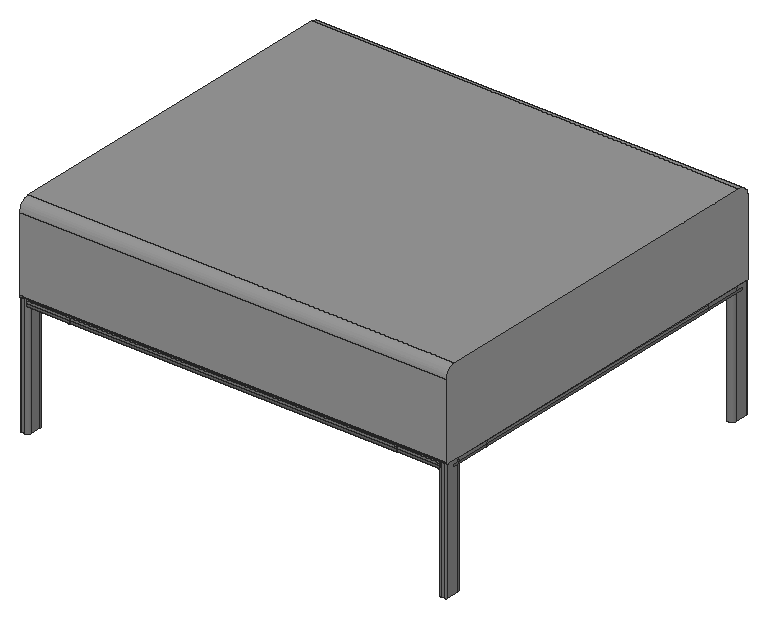
Revit family "Andreu World_Raglan_BC2074", category Mobiliario, Revit 2013
Parameters (values of type "Andreu World_Raglan_BC2074")
  Width = 850 mm
  URL = "http://www.andreuworld.com/"
  Seat Material = Andreu World Fabric
  Seat Height = 860 mm
  Reference = "BC-2074"
  Piping Material = Andreu World Leather, Black
  Modelo = "Raglan"
  Fabricante = "Andreu World"
  Legs Height = 240 mm
  Height = 430 mm
  Descripción = "1-seater bench"
  Depth = 750 mm
  Base Material = Andreu World Polished Aluminum
Types (4, lengths in mm): name | Width | Reference | Descripción
  (no name) | 850 | "BC-2074" | "1-seater bench"
  Andreu World_Raglan_BC2075 | 1600 | "BC-2075" | "2-seater bench"
  Andreu World_Raglan_BC2074 | 850 | "BC-2074" | "1-seater bench"
  Andreu World_Raglan_BC2076 | 1950 | "BC-2076" | "3-seater bench"
Reference planes
  plane 1 "Center (Front/Back)": y = 0
  plane 2: z = 0
  plane 3 "Center (Left/Right)": x = 0
  plane 4 "Left": x = -425
  plane 5 "Right": x = 425
  plane 6 "Back": y = 375
  plane 7 "Front": y = -375
  plane 8: x = -397
  plane 9: y = 347
  plane 10: y = -347
  plane 11: x = 397
  plane 12: x = -325
  plane 13: x = 325
  plane 14: y = 275
  plane 15: y = -275
  plane 16 "Legs Height": z = 240
  plane 17 "Height": z = 430
  plane 18: y = -361
  plane 19: x = -411
  plane 20: x = -326
  plane 21: y = -276
  plane 22: x = 326
  plane 23: x = 411
  plane 24: y = 361
  plane 25: through (-425, 375, 1200) normal (0.7071, 0.7071, 0)
Forms (mm)
  Extrusion 1, solid, material "Andreu World Polished Aluminum" <- "Base Material", detail levels medium+fine
    sketch origin (0, 0, 0) x (1, 0, 0) y (0, 1, 0)
      loop
        line (-425, -347.334) -> (-425, -372.001)
        arc (-425, -372.001) -> (-424.121, -374.122) -> (-422, -375.001) r 3
        line (-422, -375.001) -> (-415.163, -375.001)
        arc (-415.163, -375.001) -> (-409.506, -372.658) -> (-407.163, -367.001) r 8
        line (-407.163, -367.001) -> (-407.163, -347.334)
        arc (-407.163, -347.334) -> (-416.081, -338.415) -> (-425, -347.334) r 8.919
    from 0 to 240
  Extrusion 2, solid, material "Andreu World Polished Aluminum" <- "Base Material", detail levels medium+fine
    sketch origin (0, 0, 0) x (1, 0, 0) y (0, 1, 0)
      loop
        arc (-425, 347.334) -> (-416.081, 338.415) -> (-407.163, 347.334) r 8.919
        line (-407.163, 347.334) -> (-407.163, 367.001)
        arc (-407.163, 367.001) -> (-409.506, 372.658) -> (-415.163, 375.001) r 8
        line (-415.163, 375.001) -> (-422, 375.001)
        arc (-422, 375.001) -> (-424.121, 374.122) -> (-425, 372.001) r 3
        line (-425, 372.001) -> (-425, 347.334)
    from 0 to 240.015
  Extrusion 3, solid, material "Andreu World Polished Aluminum" <- "Base Material", detail levels medium+fine
    sketch origin (0, 0, 0) x (-1, 0, 0) y (0, -1, 0)
      loop
        arc (-425, 347.334) -> (-416.081, 338.415) -> (-407.163, 347.334) r 8.919
        line (-407.163, 347.334) -> (-407.163, 367.001)
        arc (-407.163, 367.001) -> (-409.506, 372.658) -> (-415.163, 375.001) r 8
        line (-415.163, 375.001) -> (-422, 375.001)
        arc (-422, 375.001) -> (-424.121, 374.122) -> (-425, 372.001) r 3
        line (-425, 372.001) -> (-425, 347.334)
    from 0 to 240
  Extrusion 4, solid, material "Andreu World Polished Aluminum" <- "Base Material", detail levels medium+fine
    sketch origin (0, 0, 0) x (-1, 0, 0) y (0, -1, 0)
      loop
        line (-425, -347.334) -> (-425, -372.001)
        arc (-425, -372.001) -> (-424.121, -374.122) -> (-422, -375.001) r 3
        line (-422, -375.001) -> (-415.163, -375.001)
        arc (-415.163, -375.001) -> (-409.506, -372.658) -> (-407.163, -367.001) r 8
        line (-407.163, -367.001) -> (-407.163, -347.334)
        arc (-407.163, -347.334) -> (-416.081, -338.415) -> (-425, -347.334) r 8.919
    from 0 to 240
  Extrusion 5, solid, material "Andreu World Polished Aluminum" <- "Base Material", detail levels medium+fine
    sketch origin (0, 0, 0) x (1, 0, 0) y (0, 0, 1)
      loop
        line (-397, 240) -> (-423, 240)
        arc (-423, 240) -> (-424.414, 239.414) -> (-425, 238) r 2
        line (-425, 238) -> (-425, 231.9)
        arc (-425, 231.9) -> (-422.66, 226.251) -> (-417.011, 223.911) r 7.989
        line (-417.011, 223.911) -> (-406.988, 223.911) -> (-406.988, 234.999) -> (-397, 234.999) -> (-397, 240)
    from -275 to 275
  Extrusion 6, solid, material "Andreu World Polished Aluminum" <- "Base Material", detail levels medium+fine
    sketch origin (0, 0, 0) x (-1, 0, 0) y (0, 0, -1)
      loop
        line (-397, -240) -> (-397, -234.999) -> (-406.988, -234.999) -> (-406.988, -223.911) -> (-417.011, -223.911)
        arc (-417.011, -223.911) -> (-422.66, -226.251) -> (-425, -231.9) r 7.989
        line (-425, -231.9) -> (-425, -238)
        arc (-425, -238) -> (-424.414, -239.414) -> (-423, -240) r 2
        line (-423, -240) -> (-397, -240)
    from -275 to 275
  Extrusion 7, solid, material "Andreu World Polished Aluminum" <- "Base Material", detail levels medium+fine
    sketch origin (5, -50, 0) x (0, -1, 0) y (0, 0, 1)
      loop
        line (-397, 240) -> (-423, 240)
        arc (-423, 240) -> (-424.414, 239.414) -> (-425, 238) r 2
        line (-425, 238) -> (-425, 231.9)
        arc (-425, 231.9) -> (-422.66, 226.251) -> (-417.011, 223.911) r 7.989
        line (-417.011, 223.911) -> (-406.988, 223.911) -> (-406.988, 234.999) -> (-397, 234.999) -> (-397, 240)
    from -320 to 330
  Extrusion 8, solid, material "Andreu World Polished Aluminum" <- "Base Material", detail levels medium+fine
    sketch origin (5, 50, 0) x (0, 1, 0) y (0, 0, -1)
      loop
        line (-397, -240) -> (-397, -234.999) -> (-406.988, -234.999) -> (-406.988, -223.911) -> (-417.011, -223.911)
        arc (-417.011, -223.911) -> (-422.66, -226.251) -> (-425, -231.9) r 7.989
        line (-425, -231.9) -> (-425, -238)
        arc (-425, -238) -> (-424.414, -239.414) -> (-423, -240) r 2
        line (-423, -240) -> (-397, -240)
    from -320 to 330
  Extrusion 9, solid, material "Andreu World Polished Aluminum" <- "Base Material", detail levels medium+fine
    sketch origin (-1255.096, 50, 0) x (0, 1, 0) y (0, 0, -1)
      loop
        line (-397, -240) -> (-397, -234.999) -> (-406.988, -234.999) -> (-406.988, -223.911) -> (-417.011, -223.911)
        arc (-417.011, -223.911) -> (-422.66, -226.251) -> (-425, -231.9) r 7.989
        line (-425, -231.9) -> (-425, -238)
        arc (-425, -238) -> (-424.414, -239.414) -> (-423, -240) r 2
        line (-423, -240) -> (-397, -240)
    from -929.096 to -844.096
  Extrusion 10, solid, material "Andreu World Polished Aluminum" <- "Base Material", detail levels medium+fine
    sketch origin (0, 561.934, 0) x (1, 0, 0) y (0, 0, -1)
      loop
        line (-397, -240) -> (-397, -234.999) -> (-406.988, -234.999) -> (-406.988, -223.911) -> (-417.011, -223.911)
        arc (-417.011, -223.911) -> (-422.66, -226.251) -> (-425, -231.9) r 7.989
        line (-425, -231.9) -> (-425, -238)
        arc (-425, -238) -> (-424.414, -239.414) -> (-423, -240) r 2
        line (-423, -240) -> (-397, -240)
    from -922.934 to -837.934
  Extrusion 11, solid, material "Andreu World Polished Aluminum" <- "Base Material", detail levels medium+fine
    sketch origin (1255.096, 50, 0) x (0, 1, 0) y (0, 0, 1)
      loop
        line (-397, 240) -> (-423, 240)
        arc (-423, 240) -> (-424.414, 239.414) -> (-425, 238) r 2
        line (-425, 238) -> (-425, 231.9)
        arc (-425, 231.9) -> (-422.66, 226.251) -> (-417.011, 223.911) r 7.989
        line (-417.011, 223.911) -> (-406.988, 223.911) -> (-406.988, 234.999) -> (-397, 234.999) -> (-397, 240)
    from -929.096 to -844.096
  Extrusion 12, solid, material "Andreu World Polished Aluminum" <- "Base Material", detail levels medium+fine
    sketch origin (0, 561.934, 0) x (-1, 0, 0) y (0, 0, 1)
      loop
        line (-397, 240) -> (-423, 240)
        arc (-423, 240) -> (-424.414, 239.414) -> (-425, 238) r 2
        line (-425, 238) -> (-425, 231.9)
        arc (-425, 231.9) -> (-422.66, 226.251) -> (-417.011, 223.911) r 7.989
        line (-417.011, 223.911) -> (-406.988, 223.911) -> (-406.988, 234.999) -> (-397, 234.999) -> (-397, 240)
    from -922.934 to -837.934
  Extrusion 13, solid, material "Andreu World Polished Aluminum" <- "Base Material", detail levels medium+fine
    sketch origin (-1255.096, -50, 0) x (0, -1, 0) y (0, 0, 1)
      loop
        line (-397, 240) -> (-423, 240)
        arc (-423, 240) -> (-424.414, 239.414) -> (-425, 238) r 2
        line (-425, 238) -> (-425, 231.9)
        arc (-425, 231.9) -> (-422.66, 226.251) -> (-417.011, 223.911) r 7.989
        line (-417.011, 223.911) -> (-406.988, 223.911) -> (-406.988, 234.999) -> (-397, 234.999) -> (-397, 240)
    from -929.096 to -844.096
  Extrusion 14, solid, material "Andreu World Polished Aluminum" <- "Base Material", detail levels medium+fine
    sketch origin (0, -561.934, 0) x (1, 0, 0) y (0, 0, 1)
      loop
        line (-397, 240) -> (-423, 240)
        arc (-423, 240) -> (-424.414, 239.414) -> (-425, 238) r 2
        line (-425, 238) -> (-425, 231.9)
        arc (-425, 231.9) -> (-422.66, 226.251) -> (-417.011, 223.911) r 7.989
        line (-417.011, 223.911) -> (-406.988, 223.911) -> (-406.988, 234.999) -> (-397, 234.999) -> (-397, 240)
    from -922.934 to -837.934
  Extrusion 15, solid, material "Andreu World Polished Aluminum" <- "Base Material", detail levels medium+fine
    sketch origin (1255.096, -50, 0) x (0, -1, 0) y (0, 0, -1)
      loop
        line (-397, -240) -> (-397, -234.999) -> (-406.988, -234.999) -> (-406.988, -223.911) -> (-417.011, -223.911)
        arc (-417.011, -223.911) -> (-422.66, -226.251) -> (-425, -231.9) r 7.989
        line (-425, -231.9) -> (-425, -238)
        arc (-425, -238) -> (-424.414, -239.414) -> (-423, -240) r 2
        line (-423, -240) -> (-397, -240)
    from -929.096 to -844.096
  Extrusion 16, solid, material "Andreu World Polished Aluminum" <- "Base Material", detail levels medium+fine
    sketch origin (0, -561.934, 0) x (-1, 0, 0) y (0, 0, -1)
      loop
        line (-397, -240) -> (-397, -234.999) -> (-406.988, -234.999) -> (-406.988, -223.911) -> (-417.011, -223.911)
        arc (-417.011, -223.911) -> (-422.66, -226.251) -> (-425, -231.9) r 7.989
        line (-425, -231.9) -> (-425, -238)
        arc (-425, -238) -> (-424.414, -239.414) -> (-423, -240) r 2
        line (-423, -240) -> (-397, -240)
    from -922.934 to -837.934
  Extrusion 17, solid, material "Andreu World Fabric" <- "Seat Material", detail levels medium+fine
    sketch origin (0, 0, 0) x (0, 1, 0) y (0, 0, 1)
      loop
        line (-375, 390.122) -> (-375, 242.494)
        arc (-375, 242.494) -> (-374.438, 240.895) -> (-373, 240) r 2.555
        line (-373, 240) -> (373, 240)
        arc (373, 240) -> (374.438, 240.895) -> (375, 242.494) r 2.555
        line (375, 242.494) -> (375, 388.083)
        arc (375, 388.083) -> (368.51, 404.887) -> (352.411, 412.967) r 25
        arc (352.411, 412.967) -> (-1.026, 430) -> (-354.453, 412.768) r 3654.153
        arc (-354.453, 412.768) -> (-369.098, 405.411) -> (-375, 390.122) r 22.754
    from -425 to 425
Lines and regions (mm)
  model lines, detail levels coarse+medium
    curve 1: line (-425, 375.001, 0) -> (-425, -375, 0)
    curve 2: line (-425, -375, 0) -> (328.599, -375, 0)
    curve 3: line (328.599, -375, 0) -> (425, -375, 0)
    curve 4: line (425, -375, 0) -> (425, 375.001, 0)
    curve 5: line (425, 375.001, 0) -> (-425, 375.001, 0)
    curve 6: line (-422, -375.001, 0) -> (-415.163, -375.001, 0)
    curve 7: arc (-415.163, -375.001, 0) -> (-409.506, -372.658, 0) -> (-407.163, -367.001, 0) r 8
    curve 8: line (-407.163, -367.001, 0) -> (-407.163, -347.334, 0)
    curve 9: arc (-407.163, -347.334, 0) -> (-416.081, -338.415, 0) -> (-425, -347.334, 0) r 8.919
    curve 10: line (-425, -347.334, 0) -> (-425, -372.001, 0)
    curve 11: line (-407.163, -367.001, 0) -> (-407.163, -347.334, 0)
    curve 12: line (425, -372.001, 0) -> (425, -347.334, 0)
    curve 13: arc (425, -347.334, 0) -> (416.081, -338.415, 0) -> (407.163, -347.334, 0) r 8.919
    curve 14: line (407.163, -347.334, 0) -> (407.163, -367.001, 0)
    curve 15: arc (407.163, -367.001, 0) -> (409.506, -372.657, 0) -> (415.163, -375, 0) r 8
    curve 16: arc (422.066, -375, 0) -> (424.145, -374.099, 0) -> (425, -372.001, 0) r 3
    curve 17: line (425, 347.334, 0) -> (425, 372.002, 0)
    curve 18: arc (407.163, 347.334, 0) -> (416.081, 338.415, 0) -> (425, 347.334, 0) r 8.919
    curve 19: line (407.163, 367.001, 0) -> (407.163, 347.334, 0)
    curve 20: arc (415.163, 375.001, 0) -> (409.506, 372.658, 0) -> (407.163, 367.001, 0) r 8
    curve 21: line (-407.163, 347.334, 0) -> (-407.163, 367.001, 0)
    curve 22: arc (-425, 347.334, 0) -> (-416.081, 338.415, 0) -> (-407.163, 347.334, 0) r 8.919
    curve 23: arc (-407.163, 367.001, 0) -> (-409.506, 372.658, 0) -> (-415.163, 375.001, 0) r 8
    curve 24: arc (-422, 375.001, 0) -> (-424.121, 374.122, 0) -> (-425, 372.001, 0) r 3
Dimensions and locks
  "Width": plane 4 "Left" to plane 5 "Right"
  equal spacing: plane 4 "Left", plane 3 "Center (Left/Right)", plane 5 "Right"
  equal spacing: plane 6 "Back", plane 1 "Center (Front/Back)", plane 7 "Front"
  "Depth": plane 6 "Back" to plane 7 "Front"
  plane 4 "Left" to plane 8 = 28 mm
  plane 11 to plane 5 "Right" = 28 mm
  plane 6 "Back" to plane 9 = 28 mm
  plane 10 to plane 7 "Front" = 28 mm
  plane 6 "Back" to plane 14 = 100 mm
  plane 15 to plane 7 "Front" = 100 mm
  plane 13 to plane 5 "Right" = 100 mm
  plane 4 "Left" to plane 12 = 100 mm
  "Legs Height": plane 16 "Legs Height" to level
  "Height": plane 17 "Height" to level
  Extrusion 1 sketch curve to Extrusion 1 sketch curve = 17.837 mm
  Extrusion 1 sketch curve to Extrusion 1 sketch curve = 36.586 mm
  Extrusion 2 sketch curve to Extrusion 2 sketch curve = 17.837 mm
  Extrusion 2 sketch curve to Extrusion 2 sketch curve = 36.586 mm
  Extrusion 3 sketch curve to Extrusion 3 sketch curve = 17.837 mm
  Extrusion 3 sketch curve to Extrusion 3 sketch curve = 36.586 mm
  Extrusion 4 sketch curve to Extrusion 4 sketch curve = 17.837 mm
  Extrusion 4 sketch curve to Extrusion 4 sketch curve = 36.586 mm
  equal spacing: plane 10, plane 18, plane 7 "Front"
  equal spacing: plane 4 "Left", plane 19, plane 8
  plane 4 "Left" to plane 20 = 99 mm
  plane 21 to plane 7 "Front" = 99 mm
  plane 22 to plane 5 "Right" = 99 mm
  equal spacing: plane 11, plane 23, plane 5 "Right"
  equal spacing: plane 6 "Back", plane 24, plane 9
  aligned and locked: level to plane 2
  aligned and locked: plane 16 "Legs Height" to Extrusion 1
  aligned and locked: plane 4 "Left" to Extrusion 1 sketch curve
  aligned and locked: plane 14 to Extrusion 5
  aligned and locked: plane 18 to Extrusion 10
  aligned and locked: plane 13 to Extrusion 7
  aligned and locked: Extrusion 7 to plane 12
  aligned and locked: plane 14 to Extrusion 6
  aligned and locked: Extrusion 6 to plane 15
  aligned and locked: plane 13 to Extrusion 8
  aligned and locked: Extrusion 8 to plane 12
  aligned and locked: Extrusion 5 to plane 15
  aligned and locked: Extrusion 13 to plane 19
  aligned and locked: Extrusion 9 to plane 19
  aligned and locked: plane 20 to Extrusion 13
  aligned and locked: plane 20 to Extrusion 9
  aligned and locked: plane 21 to Extrusion 10
  aligned and locked: plane 21 to Extrusion 12
  aligned and locked: plane 22 to Extrusion 15
  aligned and locked: plane 22 to Extrusion 11
  aligned and locked: Extrusion 11 to plane 23
  aligned and locked: plane 18 to Extrusion 12
  aligned and locked: Extrusion 15 to plane 23
  aligned and locked: Extrusion 16 to plane 24
  aligned and locked: Extrusion 14 to plane 24
  aligned and locked: curve 6 to Extrusion 1
  aligned and locked: curve 7 to Extrusion 1
  aligned and locked: curve 9 to Extrusion 1
  aligned and locked: curve 10 to Extrusion 1
  aligned and locked: curve 13 to Extrusion 3
  aligned and locked: curve 16 to Extrusion 3
  aligned and locked: curve 17 to Extrusion 4
  aligned and locked: curve 18 to Extrusion 4
  aligned and locked: curve 22 to Extrusion 2
  aligned and locked: curve 23 to Extrusion 2
  aligned and locked: curve 24 to Extrusion 2
  aligned and locked: plane 5 "Right" to Extrusion 17
  aligned and locked: Extrusion 17 to plane 4 "Left"
Automatic sketch dimensions
  Extrusion 1 sketch curve to plane 7 "Front" = 0.001 mm
  plane 4 "Left" to Extrusion 1 sketch curve = 3 mm
  plane 18 to Extrusion 1 sketch curve = 6.001 mm
  Extrusion 2 sketch curve to plane 4 "Left" = 0 mm
  Extrusion 2 sketch curve to plane 6 "Back" = 0.001 mm
  Extrusion 2 sketch curve to plane 4 "Left" = 3 mm
  plane 19 to Extrusion 2 sketch curve = 4.163 mm
  Extrusion 3 sketch curve to plane 5 "Right" = 0 mm
  plane 7 "Front" to Extrusion 3 sketch curve = 0.001 mm
  plane 5 "Right" to Extrusion 3 sketch curve = 3 mm
  plane 23 to Extrusion 3 sketch curve = 4.163 mm
  Extrusion 4 sketch curve to plane 5 "Right" = 0 mm
  plane 6 "Back" to Extrusion 4 sketch curve = 0.001 mm
  Extrusion 4 sketch curve to plane 5 "Right" = 3 mm
  Extrusion 4 sketch curve to plane 23 = 4.163 mm
  Extrusion 5 sketch curve to plane 4 "Left" = 0 mm
  Extrusion 5 sketch curve to plane 16 "Legs Height" = 0 mm
  Extrusion 5 sketch curve to plane 8 = 0 mm
  plane 19 to Extrusion 5 sketch curve = 4.012 mm
  Extrusion 5 sketch curve to plane 16 "Legs Height" = 16.089 mm
  plane 4 "Left" to Extrusion 5 sketch curve = 2 mm
  Extrusion 5 sketch curve to plane 19 = 6.011 mm
  Extrusion 5 sketch curve to Extrusion 5 sketch curve = 5.001 mm
  Extrusion 6 sketch curve to plane 5 "Right" = 0 mm
  Extrusion 6 sketch curve to plane 16 "Legs Height" = 0 mm
  Extrusion 6 sketch curve to plane 11 = 0 mm
  Extrusion 6 sketch curve to plane 23 = 4.012 mm
  plane 16 "Legs Height" to Extrusion 6 sketch curve = 16.089 mm
  plane 5 "Right" to Extrusion 6 sketch curve = 2 mm
  plane 23 to Extrusion 6 sketch curve = 6.011 mm
  Extrusion 6 sketch curve to Extrusion 6 sketch curve = 5.001 mm
  Extrusion 7 sketch curve to plane 6 "Back" = 0 mm
  Extrusion 7 sketch curve to plane 16 "Legs Height" = 0 mm
  Extrusion 7 sketch curve to plane 9 = 0 mm
  plane 24 to Extrusion 7 sketch curve = 4.012 mm
  Extrusion 7 sketch curve to plane 16 "Legs Height" = 16.089 mm
  Extrusion 7 sketch curve to plane 6 "Back" = 2 mm
  Extrusion 7 sketch curve to plane 24 = 6.011 mm
  Extrusion 7 sketch curve to Extrusion 7 sketch curve = 5.001 mm
  Extrusion 8 sketch curve to plane 7 "Front" = 0 mm
  Extrusion 8 sketch curve to plane 16 "Legs Height" = 0 mm
  Extrusion 8 sketch curve to plane 10 = 0 mm
  Extrusion 8 sketch curve to plane 16 "Legs Height" = 2 mm
  plane 18 to Extrusion 8 sketch curve = 6.011 mm
  Extrusion 8 sketch curve to plane 18 = 4.012 mm
  Extrusion 8 sketch curve to Extrusion 8 sketch curve = 5.001 mm
  Extrusion 8 sketch curve to Extrusion 8 sketch curve = 6.1 mm
  Extrusion 9 sketch curve to plane 7 "Front" = 0 mm
  Extrusion 9 sketch curve to plane 16 "Legs Height" = 0 mm
  Extrusion 9 sketch curve to plane 10 = 0 mm
  Extrusion 9 sketch curve to plane 16 "Legs Height" = 2 mm
  plane 18 to Extrusion 9 sketch curve = 6.011 mm
  Extrusion 9 sketch curve to plane 18 = 4.012 mm
  Extrusion 9 sketch curve to Extrusion 9 sketch curve = 5.001 mm
  Extrusion 9 sketch curve to Extrusion 9 sketch curve = 6.1 mm
  Extrusion 10 sketch curve to plane 4 "Left" = 0 mm
  Extrusion 10 sketch curve to plane 16 "Legs Height" = 0 mm
  Extrusion 10 sketch curve to plane 8 = 0 mm
  Extrusion 10 sketch curve to plane 16 "Legs Height" = 2 mm
  Extrusion 10 sketch curve to plane 19 = 6.011 mm
  plane 19 to Extrusion 10 sketch curve = 4.012 mm
  Extrusion 10 sketch curve to Extrusion 10 sketch curve = 5.001 mm
  Extrusion 10 sketch curve to Extrusion 10 sketch curve = 6.1 mm
  Extrusion 11 sketch curve to plane 7 "Front" = 0 mm
  Extrusion 11 sketch curve to plane 16 "Legs Height" = 0 mm
  Extrusion 11 sketch curve to plane 10 = 0 mm
  Extrusion 11 sketch curve to plane 18 = 4.012 mm
  Extrusion 11 sketch curve to plane 16 "Legs Height" = 16.089 mm
  plane 7 "Front" to Extrusion 11 sketch curve = 2 mm
  plane 18 to Extrusion 11 sketch curve = 6.011 mm
  Extrusion 11 sketch curve to Extrusion 11 sketch curve = 5.001 mm
  Extrusion 12 sketch curve to plane 5 "Right" = 0 mm
  Extrusion 12 sketch curve to plane 16 "Legs Height" = 0 mm
  Extrusion 12 sketch curve to plane 11 = 0 mm
  plane 23 to Extrusion 12 sketch curve = 4.012 mm
  Extrusion 12 sketch curve to plane 16 "Legs Height" = 16.089 mm
  Extrusion 12 sketch curve to plane 5 "Right" = 2 mm
  Extrusion 12 sketch curve to plane 23 = 6.011 mm
  Extrusion 12 sketch curve to Extrusion 12 sketch curve = 5.001 mm
  Extrusion 13 sketch curve to plane 6 "Back" = 0 mm
  Extrusion 13 sketch curve to plane 16 "Legs Height" = 0 mm
  Extrusion 13 sketch curve to plane 9 = 0 mm
  plane 24 to Extrusion 13 sketch curve = 4.012 mm
  Extrusion 13 sketch curve to plane 16 "Legs Height" = 16.089 mm
  Extrusion 13 sketch curve to plane 6 "Back" = 2 mm
  Extrusion 13 sketch curve to plane 24 = 6.011 mm
  Extrusion 13 sketch curve to Extrusion 13 sketch curve = 5.001 mm
  Extrusion 14 sketch curve to plane 4 "Left" = 0 mm
  Extrusion 14 sketch curve to plane 16 "Legs Height" = 0 mm
  Extrusion 14 sketch curve to plane 8 = 0 mm
  plane 19 to Extrusion 14 sketch curve = 4.012 mm
  Extrusion 14 sketch curve to plane 16 "Legs Height" = 16.089 mm
  plane 4 "Left" to Extrusion 14 sketch curve = 2 mm
  Extrusion 14 sketch curve to plane 19 = 6.011 mm
  Extrusion 14 sketch curve to Extrusion 14 sketch curve = 5.001 mm
  Extrusion 15 sketch curve to plane 6 "Back" = 0 mm
  Extrusion 15 sketch curve to plane 16 "Legs Height" = 0 mm
  Extrusion 15 sketch curve to plane 9 = 0 mm
  Extrusion 15 sketch curve to plane 16 "Legs Height" = 2 mm
  Extrusion 15 sketch curve to plane 24 = 6.011 mm
  plane 24 to Extrusion 15 sketch curve = 4.012 mm
  Extrusion 15 sketch curve to Extrusion 15 sketch curve = 5.001 mm
  Extrusion 15 sketch curve to Extrusion 15 sketch curve = 6.1 mm
  Extrusion 16 sketch curve to plane 5 "Right" = 0 mm
  Extrusion 16 sketch curve to plane 16 "Legs Height" = 0 mm
  Extrusion 16 sketch curve to plane 11 = 0 mm
  Extrusion 16 sketch curve to plane 16 "Legs Height" = 2 mm
  Extrusion 16 sketch curve to plane 23 = 6.011 mm
  plane 23 to Extrusion 16 sketch curve = 4.012 mm
  Extrusion 16 sketch curve to Extrusion 16 sketch curve = 5.001 mm
  Extrusion 16 sketch curve to Extrusion 16 sketch curve = 6.1 mm
  Extrusion 17 sketch curve to plane 7 "Front" = 0 mm
  Extrusion 17 sketch curve to plane 16 "Legs Height" = 0 mm
  Extrusion 17 sketch curve to plane 6 "Back" = 0 mm
  plane 16 "Legs Height" to Extrusion 17 sketch curve = 2.494 mm  (x2)
  Extrusion 17 sketch curve to plane 1 "Center (Front/Back)" = 0 mm
  plane 7 "Front" to Extrusion 17 sketch curve = 2 mm
  Extrusion 17 sketch curve to plane 18 = 6.547 mm
  Extrusion 17 sketch curve to Extrusion 17 sketch curve = 0 mm
  Extrusion 17 sketch curve to plane 10 = 5.246 mm
  plane 9 to Extrusion 17 sketch curve = 3 mm
  plane 9 to Extrusion 17 sketch curve = 5.411 mm
  Extrusion 17 sketch curve to plane 6 "Back" = 2.555 mm
  Extrusion 17 sketch curve to Extrusion 17 sketch curve = 145.59 mm
  curve 3 to plane 7 "Front" = 0 mm
  curve 3 to plane 22 = 2.599 mm
  plane 23 to curve 14 = 3.837 mm
  plane 18 to curve 14 = 6.001 mm
  plane 23 to curve 19 = 3.837 mm
  curve 1 to curve 6 = 3 mm
  curve 20 to plane 23 = 4.163 mm
  plane 7 "Front" to curve 10 = 2.999 mm
  curve 10 to curve 9 = 0 mm
  curve 12 to curve 13 = 0 mm
  curve 17 to curve 18 = 0 mm
  curve 17 to plane 6 "Back" = 2.998 mm
